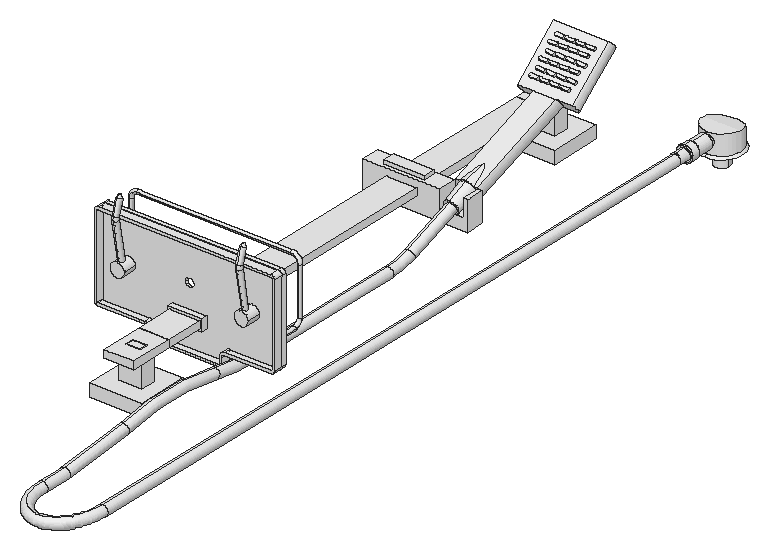
Revit family "Shower-Outlet-Caroma Quatro-Rail1", category Plumbing Fixtures, host Face, Revit 2013
Parameters (values of type "Standard")
  Waste Connection = no
  Vent Connection = no
  URL = "http://www.caroma.com.au/"
  Type Comments = "Caroma Quatro Rail Shower"  # constant formula
  Model = "90710C3A"  # constant formula
  Material_ANZRS = Metal-Chrome-Caroma
  Manufacturer = "GWA Bathrooms & Kitchens"  # constant formula
  HWFU = 2.37  # constant formula
  HW Connection = yes
  Description = "WELS 3 Star rated, 9L/min"  # constant formula
  Default Elevation = 1800 mm
  CreatedBy_ANZRS = "Design Content"  # constant formula
  CreatedByURL_ANZRS = "www.designcontent.com.au"
  Cost = 0
  Connector Radius = 10 mm
  CWFU = 2.37  # constant formula
  CW Connection = yes
  Assembly Code = "C1030210"
Reference planes
  plane 1 "Center (Front/Back)": y = 0
  plane 2: z = 0
  plane 3 "Center (Left/Right)": x = 0
  plane 4 "Centre of Rail": x = -68.5
  plane 5 "Centre of Outlet": x = 81.5
  plane 6 "Top Fixing": y = -105.225
  plane 7 "Bottom Fixing": y = -805.225
  plane 8 "Sweep Plane": z = 19.3
Forms (mm)
  Extrusion 1, solid, material "Metal-Chrome-Caroma" <- "Material_ANZRS"
    sketch origin (74.429, -7.071, 0) x (-1, 0, 0) y (0, -1, 0)
      loop
        circle (-7.071, -7.071) r 10
    from -20 to 0
  Extrusion 2, solid, material "Metal-Chrome-Caroma" <- "Material_ANZRS"
    sketch origin (0, 0, 0) x (1, 0, 0) y (0, 1, 0)
      loop
        line (-103.5, -70.225) -> (-103.5, -140.225) -> (-33.5, -140.225) -> (-33.5, -70.225) -> (-103.5, -70.225)
      loop
        line (-103.5, -770.225) -> (-103.5, -840.225) -> (-33.5, -840.225) -> (-33.5, -770.225) -> (-103.5, -770.225)
    from 0 to 17
  Extrusion 3, solid, material "Metal-Chrome-Caroma" <- "Material_ANZRS"
    sketch origin (0, 0, 0) x (1, 0, 0) y (0, 1, 0)
      loop
        line (-84, -95.225) -> (-84, -115.225) -> (-53, -115.225) -> (-53, -95.225) -> (-84, -95.225)
      loop
        line (-84, -795.225) -> (-84, -815.225) -> (-53, -815.225) -> (-53, -795.225) -> (-84, -795.225)
    from 51 to 17
  Extrusion 4, solid, material "Metal-Chrome-Caroma" <- "Material_ANZRS"
    sketch origin (0, 0, 0) x (1, 0, 0) y (0, 1, 0)
      loop
        line (-88.5, -75.225) -> (-88.5, -135.225) -> (-48.5, -135.225) -> (-48.5, -75.225) -> (-88.5, -75.225)
      loop
        line (-78.5, -99.225) -> (-78.5, -111.225) -> (-58.5, -111.225) -> (-58.5, -99.225) -> (-78.5, -99.225)
      loop
        line (-88.5, -775.225) -> (-88.5, -835.225) -> (-48.5, -835.225) -> (-48.5, -775.225) -> (-88.5, -775.225)
      loop
        line (-78.5, -799.225) -> (-78.5, -811.225) -> (-58.5, -811.225) -> (-58.5, -799.225) -> (-78.5, -799.225)
    from 51 to 61
  Extrusion 5, solid, material "Metal-Chrome-Caroma" <- "Material_ANZRS"
    sketch origin (0, 0, 0) x (1, 0, 0) y (0, 1, 0)
      loop
        line (-78, -99.725) -> (-78, -110.725) -> (-59, -110.725) -> (-59, -99.725) -> (-78, -99.725)
      loop
        line (-78, -799.725) -> (-78, -810.725) -> (-59, -810.725) -> (-59, -799.725) -> (-78, -799.725)
    from 51 to 61
  Extrusion 6, solid, material "Metal-Chrome-Caroma" <- "Material_ANZRS"
    sketch origin (0, 0, 0) x (1, 0, 0) y (0, 1, 0)
      loop
        line (-88.5, -135.425) -> (-88.5, -775.025) -> (-48.5, -775.025) -> (-48.5, -135.425) -> (-88.5, -135.425)
    from 51 to 61
  Extrusion 7, solid, material "Metal-Chrome-Caroma" <- "Material_ANZRS"
    sketch origin (0, 0, 0) x (1, 0, 0) y (0, 0, 1)
      loop
        line (-121.5, 31) -> (20.5, 31) -> (20.5, 71) -> (15.5, 71) -> (15.5, 47) -> (-16.5, 47) -> (-16.5, 71) -> (-121.5, 71) -> (-121.5, 31)
    from 330.225 to 355.225
  Extrusion 8, solid, material "Metal-Chrome-Caroma" <- "Material_ANZRS"
    sketch origin (0, 0, 0) x (1, 0, 0) y (0, 1, 0)
      loop
        line (-96, -334.725) -> (-96, -350.725) -> (-41, -350.725) -> (-41, -334.725) -> (-96, -334.725)
    from 71 to 76.038
  Extrusion 9, solid, material "Metal-Chrome-Caroma" <- "Material_ANZRS"
    sketch origin (0, 0, 0) x (1, 0, 0) y (0, 0, 1)
      loop
        arc (-190.5, 35) -> (-189.329, 32.172) -> (-186.5, 31) r 4
        line (-186.5, 31) -> (-123, 31)
        arc (-123, 31) -> (-120.172, 29.828) -> (-119, 27) r 4
        line (-119, 27) -> (-119, 18)
        arc (-119, 18) -> (-117.829, 15.172) -> (-115, 14) r 4
        line (-115, 14) -> (-22, 14)
        arc (-22, 14) -> (-19.172, 15.172) -> (-18, 18) r 4
        line (-18, 18) -> (-18, 27)
        arc (-18, 27) -> (-16.829, 29.828) -> (-14, 31) r 4
        line (-14, 31) -> (49.5, 31)
        arc (49.5, 31) -> (52.328, 32.172) -> (53.5, 35) r 4
        line (53.5, 35) -> (53.5, 146)
        arc (53.5, 146) -> (52.035, 149.536) -> (48.5, 151) r 5
        line (48.5, 151) -> (-185.5, 151)
        arc (-185.5, 151) -> (-189.036, 149.536) -> (-190.5, 146) r 5
        line (-190.5, 146) -> (-190.5, 35)
      loop
        arc (-123, 34) -> (-118.05, 31.95) -> (-116, 27) r 7
        line (-116, 27) -> (-116, 18)
        arc (-116, 18) -> (-115.707, 17.293) -> (-115, 17) r 1
        line (-115, 17) -> (-22, 17)
        arc (-22, 17) -> (-21.293, 17.293) -> (-21, 18) r 1
        line (-21, 18) -> (-21, 27)
        arc (-21, 27) -> (-18.95, 31.95) -> (-14, 34) r 7
        line (-14, 34) -> (49.5, 34)
        arc (49.5, 34) -> (50.207, 34.293) -> (50.5, 35) r 1
        line (50.5, 35) -> (50.5, 146)
        arc (50.5, 146) -> (49.914, 147.414) -> (48.5, 148) r 2
        line (48.5, 148) -> (-185.5, 148)
        arc (-185.5, 148) -> (-186.914, 147.414) -> (-187.5, 146) r 2
        line (-187.5, 146) -> (-187.5, 35)
        arc (-187.5, 35) -> (-187.207, 34.293) -> (-186.5, 34) r 1
        line (-186.5, 34) -> (-123, 34)
    from 711.225 to 723.225
  Extrusion 10, solid, material "Metal-Chrome-Caroma" <- "Material_ANZRS"
    sketch origin (0, 0, 0) x (1, 0, 0) y (0, 0, 1)
      loop
        arc (-123, 34) -> (-118.05, 31.95) -> (-116, 27) r 7
        line (-116, 27) -> (-116, 18)
        arc (-116, 18) -> (-115.707, 17.293) -> (-115, 17) r 1
        line (-115, 17) -> (-22, 17)
        arc (-22, 17) -> (-21.293, 17.293) -> (-21, 18) r 1
        line (-21, 18) -> (-21, 27)
        arc (-21, 27) -> (-18.95, 31.95) -> (-14, 34) r 7
        line (-14, 34) -> (49.5, 34)
        arc (49.5, 34) -> (50.207, 34.293) -> (50.5, 35) r 1
        line (50.5, 35) -> (50.5, 146)
        arc (50.5, 146) -> (49.914, 147.414) -> (48.5, 148) r 2
        line (48.5, 148) -> (-185.5, 148)
        arc (-185.5, 148) -> (-186.914, 147.414) -> (-187.5, 146) r 2
        line (-187.5, 146) -> (-187.5, 35)
        arc (-187.5, 35) -> (-187.207, 34.293) -> (-186.5, 34) r 1
        line (-186.5, 34) -> (-123, 34)
      loop
        circle (-68.5, 96.035) r 6
    from 711.225 to 714.225
  Extrusion 11, solid, material "Metal-Chrome-Caroma" <- "Material_ANZRS"
    sketch origin (0, 0, 0) x (1, 0, 0) y (0, 0, 1)
      loop
        arc (-190.5, 34.96) -> (-189.326, 32.146) -> (-186.5, 31) r 3.96
        line (-186.5, 31) -> (-186.5, 60.5) -> (-183, 60.5)
        arc (-183, 60.5) -> (-177.5, 66) -> (-183, 71.5) r 5.5
        line (-183, 71.5) -> (-186.5, 71.5) -> (-186.5, 147) -> (49.5, 147) -> (49.5, 71.5) -> (46, 71.5)
        arc (46, 71.5) -> (40.5, 66) -> (46, 60.5) r 5.5
        line (46, 60.5) -> (49.5, 60.5) -> (49.5, 31)
        arc (49.5, 31) -> (52.326, 32.146) -> (53.5, 34.96) r 3.96
        line (53.5, 34.96) -> (53.5, 146)
        arc (53.5, 146) -> (52.035, 149.536) -> (48.5, 151) r 5
        line (48.5, 151) -> (-185.5, 151)
        arc (-185.5, 151) -> (-189.036, 149.536) -> (-190.5, 146) r 5
        line (-190.5, 146) -> (-190.5, 34.96)
    from 705.225 to 711.225
  Sweep 12, solid, material "Metal-Chrome-Caroma" <- "Material_ANZRS"
    path origin (0, 0, 0) x (1, 0, 0) y (0, 0, 1)
      loop
        line (-186.5, 31) -> (-186.5, 147) -> (49.5, 147) -> (49.5, 31)
    profile origin (-186.5, 0, 89) x (-1, 0, 0) y (0, -1, 0)
      loop
        line (0, 705.225) -> (0, 711.225) -> (-7.151, 711.225) -> (0, 705.225)
  Extrusion 13, solid, material "Metal-Chrome-Caroma" <- "Material_ANZRS"
    sketch origin (0, 0, 0) x (1, 0, 0) y (0, 0, 1)
      loop
        line (-45.5, 64) -> (-91.5, 64) -> (-91.5, 48) -> (-45.5, 48) -> (-45.5, 64)
    from 714.225 to 723.225
  Extrusion 14, solid, material "Metal-Chrome-Caroma" <- "Material_ANZRS"
    sketch origin (0, 0, 0) x (1, 0, 0) y (0, 0, 1)
      loop
        circle (-152.5, 90) r 9.5
      loop
        circle (15.5, 90) r 9.5
    from 714.225 to 732.225
  Extrusion 15, solid, material "Metal-Chrome-Caroma" <- "Material_ANZRS", detail levels fine
    sketch origin (0, 0, 0) x (1, 0, 0) y (0, 0, 1)
      loop
        circle (-110.5, 89.262) r 4.964
      loop
        circle (-110.5, 116.262) r 4.964
      loop
        circle (-152.5, 116.262) r 4.964
      loop
        circle (-152.5, 89.262) r 4.964
      loop
        circle (-152.5, 62.262) r 4.964
      loop
        circle (-110.5, 62.262) r 4.964
      loop
        circle (-68.5, 119.291) r 4.964
      loop
        circle (-26.5, 89.262) r 4.964
      loop
        circle (-26.5, 116.262) r 4.964
      loop
        circle (15.5, 116.262) r 4.964
      loop
        circle (15.5, 89.262) r 4.964
      loop
        circle (15.5, 62.262) r 4.964
      loop
        circle (-26.5, 62.262) r 4.964
    from 711.025 to 713
  Sweep 16, solid, material "Metal-Chrome-Caroma" <- "Material_ANZRS"
    path origin (0, 0, 0) x (1, 0, 0) y (0, 0, 1)
      loop
        line (46, 76) -> (46, 141)
        arc (46, 141) -> (43.071, 148.071) -> (36, 151) r 10
        line (36, 151) -> (-173, 151)
        arc (-173, 151) -> (-180.071, 148.071) -> (-183, 141) r 10
        line (-183, 141) -> (-183, 76)
    profile origin (-68.5, 0, 151) x (0, 0, 1) y (0, -1, 0)
      loop
        circle (0, 671.225) r 2.5
  Sweep 17, solid, material "Metal-Chrome-Caroma" <- "Material_ANZRS"
    path origin (-68.5, -75.225, 1219.2) x (0, 1, 0) y (0, 0, 1)
      loop
        arc (-596, -1143.2) -> (-598.929, -1150.271) -> (-606, -1153.2) r 10
        line (-606, -1153.2) -> (-630, -1153.2)
    profile origin (-68.5, -693.225, 66) x (0, 0, -1) y (1, 0, 0)
      loop
        circle (0, -114.5) r 2.5
  Sweep 18, solid, material "Metal-Chrome-Caroma" <- "Material_ANZRS"
    path origin (-68.5, -75.225, 1219.2) x (0, 1, 0) y (0, 0, -1)
      loop
        arc (-596, 1143.2) -> (-598.929, 1150.271) -> (-606, 1153.2) r 10
        line (-606, 1153.2) -> (-630, 1153.2)
    profile origin (-68.5, -693.225, 66) x (0, 0, 1) y (-1, 0, 0)
      loop
        circle (0, -114.5) r 2.5
  Sweep 19, solid, material "Metal-Chrome-Caroma" <- "Material_ANZRS"
    path origin (-68.5, -75.225, 1219.2) x (0, 1, 0) y (0, 0, 1)
      loop
        line (-649.928, -1125.361) -> (-660.556, -1066.654)
        arc (-660.556, -1066.654) -> (-660.694, -1064.22) -> (-660.24, -1061.825) r 10
        line (-660.24, -1061.825) -> (-654.219, -1043.01)
    profile origin (-68.5, -730.467, 123.192) x (0, -0.984006, -0.178138) y (1, 0, 0)
      loop
        circle (0, -84) r 3.5
  Sweep 20, solid, material "Metal-Chrome-Caroma" <- "Material_ANZRS"
    path origin (-68.5, -75.225, 1219.2) x (0, 1, 0) y (0, 0, -1)
      loop
        line (-649.928, 1125.361) -> (-660.556, 1066.654)
        arc (-660.556, 1066.654) -> (-660.694, 1064.22) -> (-660.24, 1061.825) r 10
        line (-660.24, 1061.825) -> (-654.219, 1043.01)
    profile origin (-68.5, -730.467, 123.192) x (0, 0.984006, 0.178138) y (-1, 0, 0)
      loop
        circle (0, -84) r 3.5
  Revolve 21, solid, material "Metal-Chrome-Caroma" <- "Material_ANZRS"
    sketch origin (-152.5, -75.225, 1219.2) x (0, 1, 0) y (0, 0, 1)
      loop
        line (-650.886, -1044.076) -> (-651.586, -1039.653) -> (-653, -1039.2) -> (-654.219, -1043.01) -> (-650.886, -1044.076)
      axis (-653, -1039.2) -> (-654.219, -1043.01)
    angle from 0 to 360
  Revolve 22, solid, material "Metal-Chrome-Caroma" <- "Material_ANZRS"
    sketch origin (15.5, -75.225, 1219.2) x (0, 1, 0) y (0, 0, -1)
      loop
        line (-650.886, 1044.076) -> (-654.219, 1043.01) -> (-653, 1039.2) -> (-651.586, 1039.653) -> (-650.886, 1044.076)
      axis (-653, 1039.2) -> (-654.219, 1043.01)
    angle from 0 to 360
  Revolve 23, solid, material "Metal-Chrome-Caroma" <- "Material_ANZRS"
    sketch origin (81.5, 0, 0) x (0, 1, 0) y (0, 0, 1)
      loop
        line (0, 0) -> (0, 30.759) -> (-25, 30.759) -> (-25, 3.3) -> (-28, 0) -> (0, 0)
      axis (0, 0) -> (0, 30.759)
    angle from 0 to 360
  Extrusion 24, void
    sketch origin (81.5, 0, 0) x (0, 1, 0) y (0, 0, 1)
      loop
        line (25, 23.3) -> (28.697, 35.067) -> (-25, 35.067) -> (-25, 29.301)
        arc (-25, 29.301) -> (0.278, 28.62) -> (25, 23.3) r 136.881
    from -100 to 100
  Revolve 25, solid, material "Metal-Chrome-Caroma" <- "Material_ANZRS"
    sketch origin (81.5, 0, 0) x (0, 1, 0) y (0, 0, 1)
      loop
        line (-78.927, 26.8) -> (-78.927, 19.3) -> (-18, 19.3) -> (-18, 27.296) -> (-28, 27.296) -> (-28.927, 29.297) -> (-50.903, 29.297) -> (-52.076, 30.247) -> (-62.742, 30.247) -> (-63.927, 29.297) -> (-63.927, 26.8) -> (-78.927, 26.8)
      axis (-78.927, 19.3) -> (-18, 19.3)
    angle from 0 to 360
  Revolve 26, solid, material "Metal-Chrome-Caroma" <- "Material_ANZRS"
    sketch origin (0, 0, 0) x (0, 1, 0) y (0, 0, 1)
      loop
        line (-332.835, 76.76) -> (-332.481, 75.789) -> (-360.16, 64.122) -> (-356.751, 54.757) -> (-291.933, 78.349) -> (-294.333, 84.944) -> (-332.835, 76.76)
      axis (-291.933, 78.349) -> (-356.751, 54.757)
    angle from 0 to 360
  Extrusion 27, solid, material "Metal-Chrome-Caroma" <- "Material_ANZRS"
    sketch origin (0, 4.933, 4.139) x (0, 0.642788, -0.766044) y (-1, 0, 0)
      loop
        line (-219.865, 37) -> (-219.865, -37)
        arc (-219.865, -37) -> (-211.365, -39.974) -> (-202.865, -37) r 13.633
        line (-202.865, -37) -> (-202.865, 37)
        arc (-202.865, 37) -> (-211.365, 39.974) -> (-219.865, 37) r 13.633
    from -80 to 0
  Blend 28, solid, material "Metal-Chrome-Caroma" <- "Material_ANZRS"
    base sketch origin (0, -269.23, -97.992) x (0, 0.34202, -0.939693) y (-1, 0, 0)
      loop
        line (-181.471, 15) -> (-181.471, -15)
        arc (-181.471, -15) -> (-173.471, -16.975) -> (-165.471, -15) r 17.191
        line (-165.471, -15) -> (-165.471, 15)
        arc (-165.471, 15) -> (-173.471, 16.975) -> (-181.471, 15) r 17.191
    top sketch origin (0, -269.23, -97.992) x (0, 0.34202, -0.939693) y (-1, 0, 0)
      loop
        line (-181.471, 15) -> (-181.471, -15)
        arc (-181.471, -15) -> (-173.471, -16.975) -> (-165.471, -15) r 17.191
        line (-165.471, -15) -> (-165.471, 15)
        arc (-165.471, 15) -> (-173.471, 16.975) -> (-181.471, 15) r 17.191
    from 0 to 148
  Extrusion 29, solid, material "Metal-Chrome-Caroma" <- "Material_ANZRS", detail levels fine
    sketch origin (-37, -136.394, 172.565) x (1, 0, 0) y (0, 0.766044, 0.642788)
      loop
        line (12.8, -15.5) -> (20.885, -15.5)
        arc (20.885, -15.5) -> (22.885, -13.5) -> (20.885, -11.5) r 2
        line (20.885, -11.5) -> (12.8, -11.5)
        arc (12.8, -11.5) -> (10.8, -13.5) -> (12.8, -15.5) r 2
      loop
        line (26.8, -15.5) -> (34.885, -15.5)
        arc (34.885, -15.5) -> (36.885, -13.5) -> (34.885, -11.5) r 2
        line (34.885, -11.5) -> (26.8, -11.5)
        arc (26.8, -11.5) -> (24.8, -13.5) -> (26.8, -15.5) r 2
      loop
        line (40.8, -15.5) -> (48.885, -15.5)
        arc (48.885, -15.5) -> (50.885, -13.5) -> (48.885, -11.5) r 2
        line (48.885, -11.5) -> (40.8, -11.5)
        arc (40.8, -11.5) -> (38.8, -13.5) -> (40.8, -15.5) r 2
      loop
        line (54.8, -15.5) -> (62.885, -15.5)
        arc (62.885, -15.5) -> (64.885, -13.5) -> (62.885, -11.5) r 2
        line (62.885, -11.5) -> (54.8, -11.5)
        arc (54.8, -11.5) -> (52.8, -13.5) -> (54.8, -15.5) r 2
      loop
        line (9.8, -25.528) -> (17.885, -25.528)
        arc (17.885, -25.528) -> (19.885, -23.528) -> (17.885, -21.528) r 2
        line (17.885, -21.528) -> (9.8, -21.528)
        arc (9.8, -21.528) -> (7.8, -23.528) -> (9.8, -25.528) r 2
      loop
        line (23.8, -25.528) -> (31.885, -25.528)
        arc (31.885, -25.528) -> (33.885, -23.528) -> (31.885, -21.528) r 2
        line (31.885, -21.528) -> (23.8, -21.528)
        arc (23.8, -21.528) -> (21.8, -23.528) -> (23.8, -25.528) r 2
      loop
        line (37.8, -25.528) -> (45.885, -25.528)
        arc (45.885, -25.528) -> (47.885, -23.528) -> (45.885, -21.528) r 2
        line (45.885, -21.528) -> (37.8, -21.528)
        arc (37.8, -21.528) -> (35.8, -23.528) -> (37.8, -25.528) r 2
      loop
        line (51.8, -25.528) -> (59.885, -25.528)
        arc (59.885, -25.528) -> (61.885, -23.528) -> (59.885, -21.528) r 2
        line (59.885, -21.528) -> (51.8, -21.528)
        arc (51.8, -21.528) -> (49.8, -23.528) -> (51.8, -25.528) r 2
      loop
        line (12.8, -36.437) -> (20.885, -36.437)
        arc (20.885, -36.437) -> (22.885, -34.437) -> (20.885, -32.437) r 2
        line (20.885, -32.437) -> (12.8, -32.437)
        arc (12.8, -32.437) -> (10.8, -34.437) -> (12.8, -36.437) r 2
      loop
        line (26.8, -36.437) -> (34.885, -36.437)
        arc (34.885, -36.437) -> (36.885, -34.437) -> (34.885, -32.437) r 2
        line (34.885, -32.437) -> (26.8, -32.437)
        arc (26.8, -32.437) -> (24.8, -34.437) -> (26.8, -36.437) r 2
      loop
        line (40.8, -36.437) -> (48.885, -36.437)
        arc (48.885, -36.437) -> (50.885, -34.437) -> (48.885, -32.437) r 2
        line (48.885, -32.437) -> (40.8, -32.437)
        arc (40.8, -32.437) -> (38.8, -34.437) -> (40.8, -36.437) r 2
      loop
        line (54.8, -36.437) -> (62.885, -36.437)
        arc (62.885, -36.437) -> (64.885, -34.437) -> (62.885, -32.437) r 2
        line (62.885, -32.437) -> (54.8, -32.437)
        arc (54.8, -32.437) -> (52.8, -34.437) -> (54.8, -36.437) r 2
      loop
        line (9.8, -46.465) -> (17.885, -46.465)
        arc (17.885, -46.465) -> (19.885, -44.465) -> (17.885, -42.465) r 2
        line (17.885, -42.465) -> (9.8, -42.465)
        arc (9.8, -42.465) -> (7.8, -44.465) -> (9.8, -46.465) r 2
      loop
        line (23.8, -46.465) -> (31.885, -46.465)
        arc (31.885, -46.465) -> (33.885, -44.465) -> (31.885, -42.465) r 2
        line (31.885, -42.465) -> (23.8, -42.465)
        arc (23.8, -42.465) -> (21.8, -44.465) -> (23.8, -46.465) r 2
      loop
        line (37.8, -46.465) -> (45.885, -46.465)
        arc (45.885, -46.465) -> (47.885, -44.465) -> (45.885, -42.465) r 2
        line (45.885, -42.465) -> (37.8, -42.465)
        arc (37.8, -42.465) -> (35.8, -44.465) -> (37.8, -46.465) r 2
      loop
        line (51.8, -46.465) -> (59.885, -46.465)
        arc (59.885, -46.465) -> (61.885, -44.465) -> (59.885, -42.465) r 2
        line (59.885, -42.465) -> (51.8, -42.465)
        arc (51.8, -42.465) -> (49.8, -44.465) -> (51.8, -46.465) r 2
      loop
        line (12.8, -57.437) -> (20.885, -57.437)
        arc (20.885, -57.437) -> (22.885, -55.437) -> (20.885, -53.437) r 2
        line (20.885, -53.437) -> (12.8, -53.437)
        arc (12.8, -53.437) -> (10.8, -55.437) -> (12.8, -57.437) r 2
      loop
        line (26.8, -57.437) -> (34.885, -57.437)
        arc (34.885, -57.437) -> (36.885, -55.437) -> (34.885, -53.437) r 2
        line (34.885, -53.437) -> (26.8, -53.437)
        arc (26.8, -53.437) -> (24.8, -55.437) -> (26.8, -57.437) r 2
      loop
        line (40.8, -57.437) -> (48.885, -57.437)
        arc (48.885, -57.437) -> (50.885, -55.437) -> (48.885, -53.437) r 2
        line (48.885, -53.437) -> (40.8, -53.437)
        arc (40.8, -53.437) -> (38.8, -55.437) -> (40.8, -57.437) r 2
      loop
        line (54.8, -57.437) -> (62.885, -57.437)
        arc (62.885, -57.437) -> (64.885, -55.437) -> (62.885, -53.437) r 2
        line (62.885, -53.437) -> (54.8, -53.437)
        arc (54.8, -53.437) -> (52.8, -55.437) -> (54.8, -57.437) r 2
      loop
        line (9.8, -67.465) -> (17.885, -67.465)
        arc (17.885, -67.465) -> (19.885, -65.465) -> (17.885, -63.465) r 2
        line (17.885, -63.465) -> (9.8, -63.465)
        arc (9.8, -63.465) -> (7.8, -65.465) -> (9.8, -67.465) r 2
      loop
        line (23.8, -67.465) -> (31.885, -67.465)
        arc (31.885, -67.465) -> (33.885, -65.465) -> (31.885, -63.465) r 2
        line (31.885, -63.465) -> (23.8, -63.465)
        arc (23.8, -63.465) -> (21.8, -65.465) -> (23.8, -67.465) r 2
      loop
        line (37.8, -67.465) -> (45.885, -67.465)
        arc (45.885, -67.465) -> (47.885, -65.465) -> (45.885, -63.465) r 2
        line (45.885, -63.465) -> (37.8, -63.465)
        arc (37.8, -63.465) -> (35.8, -65.465) -> (37.8, -67.465) r 2
      loop
        line (51.8, -67.465) -> (59.885, -67.465)
        arc (59.885, -67.465) -> (61.885, -65.465) -> (59.885, -63.465) r 2
        line (59.885, -63.465) -> (51.8, -63.465)
        arc (51.8, -63.465) -> (49.8, -65.465) -> (51.8, -67.465) r 2
    from 0 to 2
  Sweep 30, solid, material "Metal-Chrome-Caroma" <- "Material_ANZRS"
    path in 3D
      loop
        line (81.5, -78.927, 19.3) -> (81.5, -1050.25, 19.3)
        spline (81.5, -1050.25, 19.3) -> (80.111, -1065.363, 19.3) -> (76.04, -1079.446, 19.3) -> (69.565, -1091.539, 19.3) -> (61.125, -1100.819, 19.3) -> (51.297, -1106.652, 19.3) -> (40.75, -1108.642, 19.3) -> (30.203, -1106.652, 19.3) -> (20.375, -1100.819, 19.3) -> (11.935, -1091.539, 19.3) -> (5.459, -1079.446, 19.3) -> (1.389, -1065.363, 19.3) -> (0, -1050.25, 19.3)
        line (0, -1050.25, 19.3) -> (0, -1012.241, 19.3)
        arc (0, -1012.241, 19.3) -> (0, -961.761, 21.943) -> (0, -911.833, 29.842) r 483.438
        arc (0, -911.833, 29.842) -> (0, -835.305, 37.801) -> (0, -758.809, 29.54) r 365
        arc (0, -758.809, 29.54) -> (0, -726.191, 24.281) -> (0, -693.198, 22.521) r 310.142
        line (0, -693.198, 22.521) -> (0, -463.834, 22.521)
        arc (0, -463.834, 22.521) -> (0, -445.601, 24.116) -> (0, -427.922, 28.853) r 105
        line (0, -427.922, 28.853) -> (0, -356.751, 54.757)
    profile origin (81.5, -564.589, 19.3) x (0, 0, -1) y (1, 0, 0)
      loop
        circle (0, 0) r 6.9
Cuts and joins
  joined: Extrusion 6, Extrusion 7, Extrusion 8, Extrusion 9, Extrusion 10, Extrusion 13
  joined: Extrusion 14, Sweep 19, Sweep 20, Revolve 21, Revolve 22
  Extrusion 24 cuts Revolve 23
  joined: Revolve 23, Revolve 25
  joined: Revolve 26, Extrusion 27, Blend 28
Lines and regions (mm)
  Masking region 1
    outline origin (0, 0, 0) x (1, 0, 0) y (0, 1, 0)
      loop
        line (-33.5, -70.225) -> (-103.5, -70.225) -> (-103.5, -140.225) -> (-88.5, -140.225) -> (-88.5, -330.225) -> (-121.5, -330.225) -> (-121.5, -355.225) -> (-88.5, -355.225) -> (-88.5, -668.725) -> (-183, -668.725)
        arc (-183, -668.725) -> (-184.768, -669.458) -> (-185.5, -671.225) r 2.5
        line (-185.5, -671.225) -> (-185.5, -705.225) -> (-190.5, -705.225) -> (-190.5, -723.225) -> (-162, -723.225) -> (-162, -732.225) -> (-156, -732.225) -> (-156, -735.967)
        arc (-156, -735.967) -> (-152.5, -739.467) -> (-149, -735.967) r 3.5
        line (-149, -735.967) -> (-149, -732.225) -> (-143, -732.225) -> (-143, -723.225) -> (-88.5, -723.225) -> (-88.5, -770.225) -> (-103.5, -770.225) -> (-103.5, -840.225) -> (-33.5, -840.225) -> (-33.5, -770.225) -> (-48.5, -770.225) -> (-48.5, -723.225) -> (-6.9, -723.225) -> (-6.9, -1050.25)
        spline (-6.9, -1050.25) -> (-5.391, -1066.63) -> (-0.94, -1082.024) -> (6.279, -1095.487) -> (15.977, -1106.135) -> (27.73, -1113.094) -> (40.75, -1115.542) -> (53.77, -1113.094) -> (65.523, -1106.135) -> (75.221, -1095.487) -> (82.44, -1082.024) -> (86.891, -1066.63) -> (88.4, -1050.25)
        line (88.4, -1050.25) -> (88.4, -140.25) -> (74.6, -140.25) -> (74.6, -1050.25)
        spline (74.6, -1050.25) -> (73.329, -1064.095) -> (69.637, -1076.863) -> (63.901, -1087.583) -> (56.727, -1095.502) -> (48.824, -1100.21) -> (40.75, -1101.742) -> (32.676, -1100.21) -> (24.773, -1095.502) -> (17.598, -1087.583) -> (11.861, -1076.863) -> (8.176, -1064.096) -> (6.9, -1050.25)
        line (6.9, -1050.25) -> (6.9, -732.225) -> (12, -732.225) -> (12, -735.967)
        arc (12, -735.967) -> (15.5, -739.467) -> (19, -735.967) r 3.5
        line (19, -735.967) -> (19, -732.225) -> (25, -732.225) -> (25, -723.225) -> (53.5, -723.225) -> (53.5, -705.225) -> (48.5, -705.225) -> (48.5, -671.225)
        arc (48.5, -671.225) -> (47.768, -669.458) -> (46, -668.725) r 2.5
        line (46, -668.725) -> (6.9, -668.725) -> (6.9, -359.211)
        spline (6.9, -359.211) -> (7.367, -359.047) -> (7.801, -358.873) -> (8.2, -358.689) -> (8.561, -358.496) -> (8.885, -358.296) -> (9.168, -358.088) -> (9.409, -357.875) -> (9.609, -357.656) -> (9.765, -357.434) -> (9.876, -357.208) -> (9.944, -356.98) -> (9.966, -356.751)
        line (9.966, -356.751) -> (10.048, -355.225) -> (20.5, -355.225) -> (20.5, -330.225) -> (16.271, -330.225)
        spline (16.271, -330.225) -> (16.383, -330.09) -> (16.485, -329.954) -> (16.578, -329.817) -> (16.661, -329.679) -> (16.734, -329.541) -> (16.798, -329.402) -> (16.852, -329.262) -> (16.896, -329.122) -> (16.931, -328.982) -> (16.955, -328.842) -> (16.97, -328.701) -> (16.975, -328.561)
        line (16.975, -328.561) -> (16.975, -197.693) -> (36.981, -197.693)
        spline (36.981, -197.693) -> (37.443, -197.3) -> (37.871, -196.89) -> (38.262, -196.466) -> (38.615, -196.028) -> (38.93, -195.578) -> (39.204, -195.117) -> (39.438, -194.648) -> (39.63, -194.17) -> (39.78, -193.686) -> (39.888, -193.198) -> (39.953, -192.707) -> (39.974, -192.214)
        line (39.974, -192.214) -> (39.974, -130.93)
        spline (39.974, -130.93) -> (39.953, -130.439) -> (39.889, -129.949) -> (39.782, -129.462) -> (39.633, -128.98) -> (39.442, -128.504) -> (39.209, -128.036) -> (38.937, -127.577) -> (38.624, -127.128) -> (38.273, -126.691) -> (37.885, -126.268) -> (37.46, -125.859) -> (37, -125.466)
        line (37, -125.466) -> (-33.5, -125.466) -> (-33.5, -70.225)
      loop
        line (-180.5, -705.225) -> (-88.5, -705.225) -> (-88.5, -673.725) -> (-180.5, -673.725) -> (-180.5, -705.225)
      loop
        line (-48.5, -668.725) -> (-6.9, -668.725) -> (-6.9, -359.211)
        spline (-6.9, -359.211) -> (-7.367, -359.047) -> (-7.801, -358.873) -> (-8.2, -358.689) -> (-8.561, -358.496) -> (-8.885, -358.296) -> (-9.168, -358.088) -> (-9.409, -357.875) -> (-9.609, -357.656) -> (-9.765, -357.434) -> (-9.876, -357.208) -> (-9.944, -356.98) -> (-9.966, -356.751)
        line (-9.966, -356.751) -> (-10.048, -355.225) -> (-48.5, -355.225) -> (-48.5, -668.725)
      loop
        line (43.5, -705.225) -> (43.5, -673.725) -> (6.9, -673.725) -> (6.9, -705.225) -> (43.5, -705.225)
      loop
        line (-48.5, -673.725) -> (-48.5, -705.225) -> (-6.9, -705.225) -> (-6.9, -673.725) -> (-48.5, -673.725)
      loop
        line (-48.5, -140.225) -> (-48.5, -330.225) -> (-16.271, -330.225)
        spline (-16.271, -330.225) -> (-16.383, -330.09) -> (-16.485, -329.954) -> (-16.578, -329.817) -> (-16.661, -329.679) -> (-16.734, -329.541) -> (-16.798, -329.402) -> (-16.852, -329.262) -> (-16.896, -329.122) -> (-16.931, -328.982) -> (-16.955, -328.842) -> (-16.97, -328.701) -> (-16.975, -328.561)
        line (-16.975, -328.561) -> (-16.975, -197.693) -> (-36.981, -197.693)
        spline (-36.981, -197.693) -> (-37.443, -197.3) -> (-37.871, -196.89) -> (-38.262, -196.466) -> (-38.615, -196.028) -> (-38.93, -195.578) -> (-39.204, -195.117) -> (-39.438, -194.648) -> (-39.63, -194.17) -> (-39.78, -193.686) -> (-39.888, -193.198) -> (-39.953, -192.707) -> (-39.974, -192.214)
        line (-39.974, -192.214) -> (-39.974, -140.225) -> (-48.5, -140.225)
      loop
        line (73.504, -26.834) -> (73.504, -28) -> (71.503, -28.927) -> (71.503, -50.903) -> (70.553, -52.076) -> (70.553, -62.742) -> (71.503, -63.927) -> (74, -63.927) -> (74, -78.927) -> (88.067, -78.927) -> (89, -78.927) -> (89, -63.927) -> (91.496, -63.927) -> (92.447, -62.742) -> (92.447, -52.076) -> (91.497, -50.903) -> (91.497, -28.927) -> (89.496, -28) -> (89.496, -26.834)
        arc (89.496, -26.834) -> (81.5, 28) -> (73.504, -26.834) r 28
  Masking region 2
    outline origin (0, 0, 0) x (1, 0, 0) y (0, 1, 0)
      loop
        line (74.6, -78.927) -> (74.6, -140.25) -> (88.4, -140.25) -> (88.4, -78.927) -> (74.6, -78.927)
  Masking region 3
    outline origin (0, 0, 0) x (1, 0, 0) y (0, 0, 1)
      loop
        line (106.5, 3.3) -> (106.5, 28.655)
        arc (106.5, 28.655) -> (106.116, 29.091) -> (105.567, 29.284) r 1.151
        arc (105.567, 29.284) -> (101.6, 29.532) -> (97.626, 29.617) r 97.046
        line (97.626, 29.617) -> (81.5, 29.617) -> (65.374, 29.617)
        arc (65.374, 29.617) -> (61.4, 29.532) -> (57.432, 29.284) r 97.046
        arc (57.432, 29.284) -> (56.884, 29.091) -> (56.5, 28.655) r 1.151
        line (56.5, 28.655) -> (56.5, 3.3) -> (53.5, 0) -> (109.5, 0) -> (106.5, 3.3)
      loop
        line (-33.5, 0) -> (-33.5, 17) -> (-53, 17) -> (-53, 51) -> (-48.5, 51) -> (-48.5, 61) -> (-88.5, 61) -> (-88.5, 51) -> (-84, 51) -> (-84, 17) -> (-103.5, 17) -> (-103.5, 0) -> (-33.5, 0)
  model lines
    curve 1: line (81.5, -78.927, 19.3) -> (81.5, -1050.25, 19.3)
    curve 2: line (0, -356.751, 54.757) -> (0, -427.922, 28.853)
    curve 3: line (0, -463.834, 22.521) -> (0, -693.198, 22.521)
    curve 4: arc (0, -693.198, 22.521) -> (0, -726.191, 24.281) -> (0, -758.809, 29.54) r 310.142
    curve 5: line (0, -1050.25, 19.3) -> (0, -1012.241, 19.3)
    curve 6: arc (0, -1012.241, 19.3) -> (0, -961.761, 21.943) -> (0, -911.833, 29.842) r 483.438
    curve 7: arc (0, -758.809, 29.54) -> (0, -835.305, 37.801) -> (0, -911.833, 29.842) r 365
    curve 8: arc (0, -427.922, 28.853) -> (0, -445.601, 24.116) -> (0, -463.834, 22.521) r 105
    curve 9: spline (0, -1050.25, 19.3) -> (1.389, -1065.363, 19.3) -> (5.459, -1079.446, 19.3) -> (11.935, -1091.539, 19.3) -> (20.375, -1100.819, 19.3) -> (30.203, -1106.652, 19.3) -> (40.75, -1108.642, 19.3) -> (51.297, -1106.652, 19.3) -> (61.125, -1100.819, 19.3) -> (69.565, -1091.539, 19.3) -> (76.04, -1079.446, 19.3) -> (80.111, -1065.363, 19.3) -> (81.5, -1050.25, 19.3)
  sketch lines
    curve 10: line (81.5, -78.927, 19.3) -> (81.5, -1050.25, 19.3)
    curve 11: spline (0, -1050.25, 19.3) -> (1.389, -1065.363, 19.3) -> (5.459, -1079.446, 19.3) -> (11.935, -1091.539, 19.3) -> (20.375, -1100.819, 19.3) -> (30.203, -1106.652, 19.3) -> (40.75, -1108.642, 19.3) -> (51.297, -1106.652, 19.3) -> (61.125, -1100.819, 19.3) -> (69.565, -1091.539, 19.3) -> (76.04, -1079.446, 19.3) -> (80.111, -1065.363, 19.3) -> (81.5, -1050.25, 19.3)
    curve 12: line (0, -1050.25, 19.3) -> (0, -1012.241, 19.3)
    curve 13: arc (0, -1012.241, 19.3) -> (0, -961.761, 21.943) -> (0, -911.833, 29.842) r 483.438
    curve 14: arc (0, -758.809, 29.54) -> (0, -835.305, 37.801) -> (0, -911.833, 29.842) r 365
    curve 15: arc (0, -693.198, 22.521) -> (0, -726.191, 24.281) -> (0, -758.809, 29.54) r 310.142
    curve 16: line (0, -463.834, 22.521) -> (0, -693.198, 22.521)
    curve 17: arc (0, -427.922, 28.853) -> (0, -445.601, 24.116) -> (0, -463.834, 22.521) r 105
    curve 18: line (0, -356.751, 54.757) -> (0, -427.922, 28.853)
  symbolic lines
    curve 19: line (-88.5, -75.225, 19.3) -> (-88.5, -135.425, 19.3)
    curve 20: line (-48.5, -75.225, 19.3) -> (-88.5, -75.225, 19.3)
    curve 21: line (-48.5, -135.425, 19.3) -> (-48.5, -75.225, 19.3)
    curve 22: line (-48.5, -135.425, 19.3) -> (-88.5, -135.425, 19.3)
    curve 23: line (-88.5, -135.225, 19.3) -> (-48.5, -135.225, 19.3)
    curve 24: line (-58.5, -111.225, 19.3) -> (-78.5, -111.225, 19.3)
    curve 25: line (-78.5, -111.225, 19.3) -> (-78.5, -99.225, 19.3)
    curve 26: line (-78.5, -99.225, 19.3) -> (-58.5, -99.225, 19.3)
    curve 27: line (-58.5, -99.225, 19.3) -> (-58.5, -111.225, 19.3)
    curve 28: line (-78, -110.725, 19.3) -> (-59, -110.725, 19.3)
    curve 29: line (-59, -110.725, 19.3) -> (-59, -99.725, 19.3)
    curve 30: line (-59, -99.725, 19.3) -> (-78, -99.725, 19.3)
    curve 31: line (-78, -99.725, 19.3) -> (-78, -110.725, 19.3)
    curve 32: line (-41, -334.725, 19.3) -> (-96, -334.725, 19.3)
    curve 33: line (-96, -334.725, 19.3) -> (-96, -350.725, 19.3)
    curve 34: line (-96, -350.725, 19.3) -> (-41, -350.725, 19.3)
    curve 35: line (-41, -350.725, 19.3) -> (-41, -334.725, 19.3)
    curve 36: line (-190.5, -711.225, 19.3) -> (53.5, -711.225, 19.3)
    curve 37: line (53.5, -705.225, 19.3) -> (-190.5, -705.225, 19.3)
    curve 38: line (-190.5, -723.225, 19.3) -> (53.5, -723.225, 19.3)
    curve 39: line (-48.5, -775.225, 19.3) -> (-88.5, -775.225, 19.3)
    curve 40: line (-88.5, -775.025, 19.3) -> (-48.5, -775.025, 19.3)
    curve 41: line (-78.5, -799.225, 19.3) -> (-58.5, -799.225, 19.3)
    curve 42: line (-58.5, -799.225, 19.3) -> (-58.5, -811.225, 19.3)
    curve 43: line (-58.5, -811.225, 19.3) -> (-78.5, -811.225, 19.3)
    curve 44: line (-78.5, -811.225, 19.3) -> (-78.5, -799.225, 19.3)
    curve 45: line (-59, -799.725, 19.3) -> (-78, -799.725, 19.3)
    curve 46: line (-78, -799.725, 19.3) -> (-78, -810.725, 19.3)
    curve 47: line (-78, -810.725, 19.3) -> (-59, -810.725, 19.3)
    curve 48: line (-59, -810.725, 19.3) -> (-59, -799.725, 19.3)
    curve 49: line (-88.5, -775.225, 19.3) -> (-88.5, -835.225, 19.3)
    curve 50: line (-48.5, -835.225, 19.3) -> (-48.5, -775.225, 19.3)
    curve 51: line (-88.5, -835.225, 19.3) -> (-48.5, -835.225, 19.3)
    curve 52: line (-88.5, -135.425, 19.3) -> (-88.5, -330.225, 19.3)
    curve 53: line (-48.5, -775.025, 19.3) -> (-48.5, -723.225, 19.3)
    curve 54: line (-88.5, -723.225, 19.3) -> (-88.5, -775.025, 19.3)
    curve 55: line (-48.5, -705.225, 19.3) -> (-48.5, -673.725, 19.3)
    curve 56: line (-88.5, -673.725, 19.3) -> (-88.5, -705.225, 19.3)
    curve 57: line (-48.5, -668.725, 19.3) -> (-48.5, -355.225, 19.3)
    curve 58: line (-88.5, -355.225, 19.3) -> (-88.5, -668.725, 19.3)
    curve 59: line (-48.5, -330.225, 19.3) -> (-48.5, -135.425, 19.3)
    curve 60: line (-88.5, -330.225, 19.3) -> (-48.5, -330.225, 19.3)
    curve 61: line (-88.5, -355.225, 19.3) -> (-48.5, -355.225, 19.3)
    curve 62: spline (-152.5, -732.778, 19.3) -> (-151.594, -732.664, 19.3) -> (-150.75, -732.331, 19.3) -> (-150.025, -731.802, 19.3) -> (-149.469, -731.111, 19.3) -> (-149.119, -730.307, 19.3) -> (-149, -729.444, 19.3) -> (-149.119, -728.582, 19.3) -> (-149.469, -727.778, 19.3) -> (-150.025, -727.087, 19.3) -> (-150.75, -726.558, 19.3) -> (-151.594, -726.225, 19.3) -> (-152.5, -726.111, 19.3)
    curve 63: spline (-152.5, -726.111, 19.3) -> (-153.406, -726.225, 19.3) -> (-154.25, -726.558, 19.3) -> (-154.975, -727.087, 19.3) -> (-155.531, -727.778, 19.3) -> (-155.881, -728.582, 19.3) -> (-156, -729.444, 19.3) -> (-155.881, -730.307, 19.3) -> (-155.531, -731.111, 19.3) -> (-154.975, -731.802, 19.3) -> (-154.25, -732.331, 19.3) -> (-153.406, -732.664, 19.3) -> (-152.5, -732.778, 19.3)
    curve 64: spline (-152.5, -726.812, 19.3) -> (-152.884, -726.86, 19.3) -> (-153.242, -727.001, 19.3) -> (-153.55, -727.226, 19.3) -> (-153.786, -727.519, 19.3) -> (-153.934, -727.86, 19.3) -> (-153.985, -728.225, 19.3) -> (-153.934, -728.591, 19.3) -> (-153.786, -728.932, 19.3) -> (-153.55, -729.225, 19.3) -> (-153.242, -729.45, 19.3) -> (-152.884, -729.591, 19.3) -> (-152.5, -729.639, 19.3)
    curve 65: spline (-152.5, -729.639, 19.3) -> (-152.116, -729.591, 19.3) -> (-151.758, -729.45, 19.3) -> (-151.45, -729.225, 19.3) -> (-151.214, -728.932, 19.3) -> (-151.066, -728.591, 19.3) -> (-151.016, -728.225, 19.3) -> (-151.066, -727.86, 19.3) -> (-151.214, -727.519, 19.3) -> (-151.45, -727.226, 19.3) -> (-151.758, -727.001, 19.3) -> (-152.116, -726.86, 19.3) -> (-152.5, -726.812, 19.3)
    curve 66: spline (15.5, -732.778, 19.3) -> (14.594, -732.664, 19.3) -> (13.75, -732.331, 19.3) -> (13.025, -731.802, 19.3) -> (12.469, -731.111, 19.3) -> (12.119, -730.307, 19.3) -> (12, -729.444, 19.3) -> (12.119, -728.582, 19.3) -> (12.469, -727.778, 19.3) -> (13.025, -727.087, 19.3) -> (13.75, -726.558, 19.3) -> (14.594, -726.225, 19.3) -> (15.5, -726.111, 19.3)
    curve 67: spline (15.5, -726.111, 19.3) -> (16.406, -726.225, 19.3) -> (17.25, -726.558, 19.3) -> (17.975, -727.087, 19.3) -> (18.531, -727.778, 19.3) -> (18.881, -728.582, 19.3) -> (19, -729.444, 19.3) -> (18.881, -730.307, 19.3) -> (18.531, -731.111, 19.3) -> (17.975, -731.802, 19.3) -> (17.25, -732.331, 19.3) -> (16.406, -732.664, 19.3) -> (15.5, -732.778, 19.3)
    curve 68: spline (15.5, -726.812, 19.3) -> (15.884, -726.86, 19.3) -> (16.242, -727.001, 19.3) -> (16.55, -727.226, 19.3) -> (16.786, -727.519, 19.3) -> (16.934, -727.86, 19.3) -> (16.984, -728.225, 19.3) -> (16.934, -728.591, 19.3) -> (16.786, -728.932, 19.3) -> (16.55, -729.225, 19.3) -> (16.242, -729.45, 19.3) -> (15.884, -729.591, 19.3) -> (15.5, -729.639, 19.3)
    curve 69: spline (15.5, -729.639, 19.3) -> (15.116, -729.591, 19.3) -> (14.758, -729.45, 19.3) -> (14.45, -729.225, 19.3) -> (14.214, -728.932, 19.3) -> (14.066, -728.591, 19.3) -> (14.015, -728.225, 19.3) -> (14.066, -727.86, 19.3) -> (14.214, -727.519, 19.3) -> (14.45, -727.226, 19.3) -> (14.758, -727.001, 19.3) -> (15.116, -726.86, 19.3) -> (15.5, -726.812, 19.3)
    curve 70: line (-183.5, -673.725, 19.3) -> (-48.5, -673.725, 19.3)
    curve 71: line (-88.5, -668.725, 19.3) -> (-48.5, -668.725, 19.3)
    curve 72: arc (81.5, -25, 0) -> (56.5, 0, 0) -> (81.5, 25, 0) r 25
    curve 73: arc (81.5, 25, 0) -> (106.5, 0, 0) -> (81.5, -25, 0) r 25
    curve 74: arc (73.504, -26.834, 0) -> (53.793, 4.04, 0) -> (81.5, 28, 0) r 28
    curve 75: arc (81.5, 28, 0) -> (109.207, 4.04, 0) -> (89.496, -26.834, 0) r 28
    curve 76: line (71.503, -28.927, 0) -> (91.497, -28.927, 0)
    curve 77: line (73.504, -28, 0) -> (89.496, -28, 0)
    curve 78: line (73.504, -28, 0) -> (73.504, -23.687, 0)
    curve 79: line (89.496, -28, 0) -> (89.496, -23.687, 0)
    curve 80: line (71.503, -50.903, 0) -> (91.497, -50.903, 0)
    curve 81: line (70.553, -52.076, 0) -> (92.447, -52.076, 0)
    curve 82: line (70.553, -62.742, 0) -> (92.447, -62.742, 0)
    curve 83: line (71.503, -63.927, 0) -> (91.496, -63.927, 0)
    curve 84: line (74, -78.927, 0) -> (89, -78.927, 0)
    curve 85: line (-190.5, -723.225, 0) -> (53.5, -723.225, 0)
    curve 86: line (6, -732.225, 0) -> (6, -723.225, 0)
    curve 87: line (12, -726.045, 0) -> (12, -735.967, 0)
    curve 88: line (19, -726.045, 0) -> (19, -735.967, 0)
    curve 89: arc (12, -735.967, 0) -> (15.5, -739.467, 0) -> (19, -735.967, 0) r 3.5
    curve 90: arc (12, -726.045, 0) -> (12.377, -724.465, 0) -> (13.426, -723.225, 0) r 3.5
    curve 91: arc (17.574, -723.225, 0) -> (18.623, -724.465, 0) -> (19, -726.045, 0) r 3.5
    curve 92: line (-149, -726.045, 0) -> (-149, -735.967, 0)
    curve 93: line (-156, -726.045, 0) -> (-156, -735.967, 0)
    curve 94: arc (-149, -735.967, 0) -> (-152.5, -739.467, 0) -> (-156, -735.967, 0) r 3.5
    curve 95: arc (-149, -726.045, 0) -> (-149.377, -724.465, 0) -> (-150.426, -723.225, 0) r 3.5
    curve 96: arc (-154.574, -723.225, 0) -> (-155.623, -724.465, 0) -> (-156, -726.045, 0) r 3.5
    curve 97: line (-6.9, -673.725, 0) -> (46.004, -673.725, 0)
    curve 98: line (-6.9, -668.725, 0) -> (6.9, -668.725, 0)
    curve 99: spline (-9.966, -356.751, 0) -> (-9.627, -357.634, 0) -> (-8.631, -358.456, 0) -> (-7.047, -359.162, 0) -> (-4.983, -359.703, 0) -> (-2.579, -360.044, 0) -> (0, -360.16, 0) -> (2.579, -360.044, 0) -> (4.983, -359.703, 0) -> (7.047, -359.162, 0) -> (8.631, -358.456, 0) -> (9.627, -357.634, 0) -> (9.966, -356.751, 0)
    curve 100: line (-16.5, -355.225, 0) -> (-16.5, -329.933, 0)
    curve 101: line (15.5, -330.943, 0) -> (15.5, -355.225, 0)
    curve 102: spline (16.975, -328.561, 0) -> (16.961, -328.798, 0) -> (16.919, -329.034, 0) -> (16.849, -329.27, 0) -> (16.752, -329.505, 0) -> (16.626, -329.738, 0) -> (16.474, -329.97, 0) -> (16.294, -330.199, 0) -> (16.088, -330.425, 0) -> (15.855, -330.648, 0) -> (15.595, -330.868, 0) -> (15.31, -331.085, 0) -> (15, -331.297, 0)
    curve 103: spline (-15, -331.297, 0) -> (-15.31, -331.085, 0) -> (-15.595, -330.868, 0) -> (-15.855, -330.648, 0) -> (-16.088, -330.425, 0) -> (-16.294, -330.199, 0) -> (-16.474, -329.97, 0) -> (-16.626, -329.738, 0) -> (-16.752, -329.505, 0) -> (-16.849, -329.27, 0) -> (-16.919, -329.034, 0) -> (-16.961, -328.798, 0) -> (-16.975, -328.561, 0)
    curve 104: line (-9.6, -331.297, 0) -> (-15, -331.297, 0)
    curve 105: line (15, -331.297, 0) -> (9.6, -331.297, 0)
    curve 106: spline (-9.6, -331.297, 0) -> (-8.334, -331.745, 0) -> (-6.89, -332.126, 0) -> (-5.3, -332.431, 0) -> (-3.597, -332.654, 0) -> (-1.818, -332.789, 0) -> (0, -332.835, 0) -> (1.818, -332.789, 0) -> (3.597, -332.654, 0) -> (5.3, -332.431, 0) -> (6.89, -332.126, 0) -> (8.334, -331.745, 0) -> (9.6, -331.297, 0)
    curve 107: line (0, -301.234, 0) -> (-9.6, -331.297, 0)
    curve 108: line (9.6, -331.297, 0) -> (0, -301.234, 0)
    curve 109: line (9.966, -356.751, 0) -> (11.328, -331.297, 0)
    curve 110: line (-9.966, -356.751, 0) -> (-11.328, -331.297, 0)
    curve 111: line (-15, -331.297, 0) -> (-15, -197.621, 0)
    curve 112: line (15, -197.621, 0) -> (15, -331.297, 0)
    curve 113: line (15, -197.621, 0) -> (-15, -197.621, 0)
    curve 114: line (-15, -197.694, 0) -> (-37, -197.677, 0)
    curve 115: line (37, -197.677, 0) -> (15, -197.694, 0)
    curve 116: line (37, -136.394, 0) -> (37, -197.677, 0)
    curve 117: line (-37, -197.677, 0) -> (-37, -136.394, 0)
    curve 118: spline (-37, -125.466, 0) -> (-37.885, -126.268, 0) -> (-38.624, -127.128, 0) -> (-39.209, -128.036, 0) -> (-39.633, -128.98, 0) -> (-39.889, -129.949, 0) -> (-39.974, -130.93, 0) -> (-39.889, -131.911, 0) -> (-39.633, -132.88, 0) -> (-39.209, -133.824, 0) -> (-38.624, -134.732, 0) -> (-37.885, -135.592, 0) -> (-37, -136.394, 0)
    curve 119: spline (37, -136.394, 0) -> (37.885, -135.592, 0) -> (38.624, -134.732, 0) -> (39.209, -133.824, 0) -> (39.633, -132.88, 0) -> (39.889, -131.911, 0) -> (39.974, -130.93, 0) -> (39.889, -129.949, 0) -> (39.633, -128.98, 0) -> (39.209, -128.036, 0) -> (38.624, -127.128, 0) -> (37.885, -126.268, 0) -> (37, -125.466, 0)
    curve 120: line (-37, -136.394, 0) -> (37, -136.394, 0)
    curve 121: line (37, -125.466, 0) -> (-37, -125.466, 0)
    curve 122: spline (-37, -197.677, 0) -> (-37.46, -197.285, 0) -> (-37.885, -196.876, 0) -> (-38.273, -196.452, 0) -> (-38.624, -196.016, 0) -> (-38.937, -195.567, 0) -> (-39.209, -195.108, 0) -> (-39.442, -194.639, 0) -> (-39.633, -194.164, 0) -> (-39.782, -193.681, 0) -> (-39.889, -193.195, 0) -> (-39.953, -192.705, 0) -> (-39.974, -192.214, 0)
    curve 123: spline (39.974, -192.214, 0) -> (39.953, -192.705, 0) -> (39.889, -193.195, 0) -> (39.782, -193.681, 0) -> (39.633, -194.164, 0) -> (39.442, -194.639, 0) -> (39.209, -195.108, 0) -> (38.937, -195.567, 0) -> (38.624, -196.016, 0) -> (38.273, -196.452, 0) -> (37.885, -196.876, 0) -> (37.46, -197.285, 0) -> (37, -197.677, 0)
    curve 124: line (-39.974, -192.214, 0) -> (-39.974, -130.93, 0)
    curve 125: line (-53, 0, 51) -> (-84, 0, 51)
    curve 126: line (-53, 0, 17) -> (-84, 0, 17)
    curve 127: line (56.5, 0, 3.3) -> (106.5, 0, 3.3)
    curve 128: line (81.5, 0, 23.3) -> (81.5, 0, 29.301)
    curve 129: line (81.5, 0, 29.301) -> (81.5, 0, 23.3)
  symbolic lines, style "PlumbingFixturesHiddenLines"
    curve 130: spline (37, 0, 172.565) -> (37.885, 0, 171.61) -> (38.624, 0, 170.585) -> (39.209, 0, 169.503) -> (39.633, 0, 168.378) -> (39.889, 0, 167.223) -> (39.974, 0, 166.054) -> (39.889, 0, 164.884) -> (39.633, 0, 163.73) -> (39.209, 0, 162.604) -> (38.624, 0, 161.522) -> (37.885, 0, 160.497) -> (37, 0, 159.542)
    curve 131: line (37, 0, 159.542) -> (-37, 0, 159.542)
    curve 132: line (-37, 0, 172.565) -> (37, 0, 172.565)
    curve 133: spline (-37, 0, 159.542) -> (-37.885, 0, 160.497) -> (-38.624, 0, 161.522) -> (-39.209, 0, 162.604) -> (-39.633, 0, 163.73) -> (-39.889, 0, 164.884) -> (-39.974, 0, 166.054) -> (-39.889, 0, 167.223) -> (-39.633, 0, 168.378) -> (-39.209, 0, 169.503) -> (-38.624, 0, 170.585) -> (-37.885, 0, 171.61) -> (-37, 0, 172.565)
    curve 134: spline (37, 0, 108.119) -> (37.46, 0, 108.587) -> (37.885, 0, 109.074) -> (38.273, 0, 109.579) -> (38.624, 0, 110.099) -> (38.937, 0, 110.634) -> (39.209, 0, 111.181) -> (39.442, 0, 111.74) -> (39.633, 0, 112.307) -> (39.782, 0, 112.881) -> (39.889, 0, 113.461) -> (39.953, 0, 114.045) -> (39.974, 0, 114.631)
    curve 135: line (16.975, 0, 108.119) -> (37, 0, 108.119)
    curve 136: line (-37, 0, 108.119) -> (-16.975, 0, 108.119)
    curve 137: spline (-39.974, 0, 114.631) -> (-39.953, 0, 114.045) -> (-39.889, 0, 113.461) -> (-39.782, 0, 112.881) -> (-39.633, 0, 112.307) -> (-39.442, 0, 111.74) -> (-39.209, 0, 111.181) -> (-38.937, 0, 110.634) -> (-38.624, 0, 110.099) -> (-38.273, 0, 109.579) -> (-37.885, 0, 109.074) -> (-37.46, 0, 108.587) -> (-37, 0, 108.119)
    curve 138: line (-39.974, 0, 114.631) -> (-39.974, 0, 166.054)
    curve 139: line (39.974, 0, 114.631) -> (39.974, 0, 166.054)
    curve 140: line (37, 0, 159.542) -> (37, 0, 108.119)
    curve 141: line (-37, 0, 108.119) -> (-37, 0, 159.542)
    curve 142: spline (15, 0, 57.5) -> (15.31, 0, 58.083) -> (15.595, 0, 58.677) -> (15.855, 0, 59.281) -> (16.088, 0, 59.895) -> (16.294, 0, 60.517) -> (16.474, 0, 61.146) -> (16.626, 0, 61.782) -> (16.752, 0, 62.423) -> (16.849, 0, 63.068) -> (16.919, 0, 63.716) -> (16.961, 0, 64.366) -> (16.975, 0, 65.018)
    curve 143: line (16.975, 0, 65.018) -> (16.975, 0, 108.119)
    curve 144: line (15, 0, 57.5) -> (10.48, 0, 57.5)
    curve 145: spline (9.813, 0, 53.119) -> (9.544, 0, 52.061) -> (9.147, 0, 51.039) -> (8.626, 0, 50.067) -> (7.989, 0, 49.158) -> (7.244, 0, 48.325) -> (6.401, 0, 47.579) -> (5.472, 0, 46.93) -> (4.469, 0, 46.386) -> (3.406, 0, 45.956) -> (2.296, 0, 45.644) -> (1.156, 0, 45.455) -> (0, 0, 45.392)
    curve 146: line (10.48, 0, 57.5) -> (9.813, 0, 53.119)
    curve 147: spline (-9.813, 0, 53.119) -> (-9.544, 0, 52.061) -> (-9.147, 0, 51.039) -> (-8.626, 0, 50.067) -> (-7.989, 0, 49.158) -> (-7.244, 0, 48.325) -> (-6.401, 0, 47.579) -> (-5.472, 0, 46.93) -> (-4.469, 0, 46.386) -> (-3.406, 0, 45.956) -> (-2.296, 0, 45.644) -> (-1.156, 0, 45.455) -> (0, 0, 45.392)
    curve 148: line (-10.48, 0, 57.5) -> (-9.813, 0, 53.119)
    curve 149: spline (-15, 0, 57.5) -> (-15.31, 0, 58.083) -> (-15.595, 0, 58.677) -> (-15.855, 0, 59.281) -> (-16.088, 0, 59.895) -> (-16.294, 0, 60.517) -> (-16.474, 0, 61.146) -> (-16.626, 0, 61.782) -> (-16.752, 0, 62.423) -> (-16.849, 0, 63.068) -> (-16.919, 0, 63.716) -> (-16.961, 0, 64.366) -> (-16.975, 0, 65.018)
    curve 150: line (-16.975, 0, 65.018) -> (-16.975, 0, 108.119)
    curve 151: line (-15, 0, 57.5) -> (-10.48, 0, 57.5)
    curve 152: line (56.5, 0, 12.4) -> (0.035, 0, 12.4)
    curve 153: line (56.5, 0, 26.2) -> (6.9, 0, 26.2)
    curve 154: line (6.9, 0, 26.2) -> (6.9, 0, 47.817)
    curve 155: line (-6.9, 0, 19.335) -> (-6.9, 0, 47.817)
    curve 156: arc (0.035, 0, 12.4) -> (-4.869, 0, 14.431) -> (-6.9, 0, 19.335) r 6.935
    curve 157: line (-16.5, 0, 71) -> (-16.5, 0, 47)
    curve 158: line (-16.5, 0, 47) -> (15.5, 0, 47)
    curve 159: line (15.5, 0, 47) -> (15.5, 0, 71)
    curve 160: line (15.5, 0, 71) -> (20.5, 0, 71)
    curve 161: line (20.5, 0, 71) -> (20.5, 0, 31)
    curve 162: line (20.5, 0, 31) -> (-53, 0, 31)
    curve 163: line (-121.5, 0, 31) -> (-121.5, 0, 71)
    curve 164: line (-121.5, 0, 71) -> (-16.5, 0, 71)
    curve 165: line (-84, 0, 31) -> (-121.5, 0, 31)
Dimensions and locks
  aligned and locked: plane 2 to host face
  aligned and locked: level to host face
Connectors
  piping at (81.5, 0, -20), driven by "Connector Radius", driven by "HWFU"
    settings: on Extrusion 1, index 4, connector radius 0.3937", flow factor 0, pipe flow 0 GPM, pressure drop 0.00 psi, fitting loss kfactor 0, connector angle 0.00°, fixture units 2.37, engagement length 0 mm, flow configuration 3, flow direction 1, fitting loss method 1, system type 19, joint type 0, gender type 0, connector reference index -1, connector utility 0, adjustable connector no, is connector primary yes, fitting loss table "Outlet", connector description "Hot Inlet"
